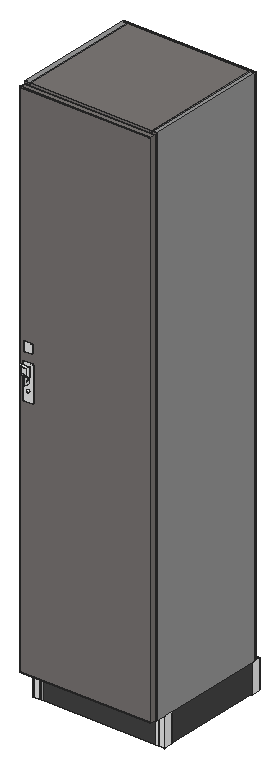
Revit family "Wood_Lockers_Hasps-Salsbury_Industries-18_41000_Series-1_Wide_Units.rfa", category Specialty Equipment, Revit 2016 (continued)
Definition of nested family "Wood Locker Sloping Hoods"
  Types (20): name | Width | Visible | Version | Type Comments | Model | Manufacturer | Height | Description | Depth
    44257 - for 24" Deep Lockers (3 Wide) | 45.000" | yes | "1.0 (12/15/23)" | "Sloping Hood for Premier Wod Lockers" | "44257" | "Salsbury Industries" | 9.118" | "For 24\" D - 3 Wide Lockers" | 23.625"
    44252 - for 21" Deep Lockers (1 Wide) | 15.000" | yes | "1.0 (12/15/23)" | "Sloping Hood for 15\" Wide Premier Wood Lockers" | "44252" | "Salsbury Industries" | 7.993" | "For 21\" D - 1 Wide Lockers" | 20.625"
    44254 - for 21" Deep Lockers (3 Wide) | 45.000" | yes | "1.0 (12/15/23)" | "Sloping Hood for 15\" Wide Premier Wood Lockers" | "44254" | "Salsbury Industries" | 7.993" | "For 21\" D - 3 Wide Lockers" | 20.625"
    44251 - for 18" Deep Lockers (1 Wide) | 15.000" | yes | "1.0 (12/15/23)" | "Sloping Hood for 15\"Wide Premier Wood Lockers" | "44251" | "Salsbury Industries" | 6.868" | "For 18\" D - 1 Wide Lockers" | 17.625"
    44253 - for 18" Deep Lockers (3 Wide) | 45.000" | yes | "1.0 (12/15/23)" | "Sloping Hood for 15\" Wide Premier Wood Lockers" | "44253" | "Salsbury Industries" | 6.868" | "For 18\" D - 3 Wide Lockers" | 17.625"
    None | 12.000" | no | "" | "" | "" | "" | 5.743" | "" | 14.625"
    44818 - for 18" Deep Lockers (1 Wide) | 18.000" | yes | "1.0 (12/15/23)" | "Sloping Hood for Premier Wood Lockers" | "44818" | "Salsbury Industries" | 6.868" | "For 18\" D - 1 Wide Lockers" | 17.625"
    44811 - for 21" Deep Lockers (1 Wide) | 18.000" | yes | "1.0 (12/15/23)" | "Sloping Hood for Premier Wood Lockers" | "44811" | "Salsbury Industries" | 7.993" | "For 21\" D - 1 Wide Lockers" | 20.625"
    44814 - for 24" Deep Lockers (1 Wide) | 18.000" | yes | "1.0 (12/15/23)" | "Sloping Hood for Premier Wood Lockers" | "44814" | "Salsbury Industries" | 9.118" | "For 24\" D - 1 Wide Lockers" | 23.625"
    44838 - for 18" Deep Lockers (3 Wide) | 54.000" | yes | "1.0 (12/15/23)" | "Sloping Hood for Premier Wood Lockers" | "44838" | "Salsbury Industries" | 6.868" | "For 18\" D - 3 Wide Lockers" | 17.625"
    44831 - for 21" Deep Lockers (3 Wide) | 54.000" | yes | "1.0 (12/15/23)" | "Sloping Hood for Premier Wood Lockers" | "44831" | "Salsbury Industries" | 7.993" | "For 21\" D - 3 Wide Lockers" | 20.625"
    44834 - for 24" Deep Lockers (3 Wide) | 54.000" | yes | "1.0 (12/15/23)" | "Sloping Hood for Premier Wood Lockers" | "834" | "Salsbury Industries" | 9.118" | "For 24\" D - 3 Wide Lockers" | 23.625"
  Reference planes (in)
    plane 1 "Center (Front/Back)": y = 0
    plane 2: z = 0
    plane 3 "Center (Left/Right)": x = 0
    plane 4 "Front of Hood": y = -11.8125
    plane 5 "Back of Hood": y = 11.8125
    plane 6 "Right Side of Hood": x = 22.5
    plane 7 "Left Side of Hood": x = -22.5
    plane 8 "Bottom of Hood": z = 0
    plane 9 "Top of Hood": z = 9.118
    plane 10: x = 21.75
    plane 11: x = -21.75
    plane 12: y = -11.7815
    plane 13: y = -11.0625
    plane 14: z = 9.087
    plane 15: z = 8.368
    plane 16: z = 0.062
    plane 17: z = 0.75
  Forms (in)
    Extrusion 1, solid, visible <- "Visible"
      sketch origin (22.5, 0.37227, 0) x (0, -1, 0) y (0, 0, 1)
        loop
          line (-0.26039, 4.07368) -> (-0.26039, 0) -> (0.37227, 0) -> (0.37227, 3.83066) -> (-0.26039, 4.07368)
      from 0 to 45
    Extrusion 2, solid, visible <- "Visible"
      sketch origin (0, 0, 0) x (0, 1, 0) y (0, 0, 1)
        loop
          line (-9.97273, 0) -> (11.8125, 8.368) -> (11.8125, 9.087) -> (-11.73269, 0.062) -> (-11.7815, 0.062) -> (-11.7815, 0) -> (-9.97273, 0)
      from -22.5 to 22.5
    Extrusion 3, solid, material <- "Laminate Surface", visible <- "Visible"
      sketch origin (0, 0, 0) x (0, 1, 0) y (0, 0, 1)
        loop
          line (-11.8125, 0.062) -> (-11.8125, 0) -> (-11.7815, 0) -> (-11.7815, 0.062) -> (-11.8125, 0.062)
      from -22.5 to 22.5
    Extrusion 4, solid, material <- "Laminate Surface", visible <- "Visible"
      sketch origin (0, 0, 0) x (0, 1, 0) y (0, 0, 1)
        loop
          line (11.8125, 9.118) -> (-11.8125, 0.062) -> (-11.73269, 0.062) -> (11.8125, 9.087) -> (11.8125, 9.118)
      from -22.5 to 22.5
  Dimensions and locks (in)
    equal spacing: plane 7 "Left Side of Hood", plane 3 "Center (Left/Right)", plane 6 "Right Side of Hood"
    "Width": plane 7 "Left Side of Hood" to plane 6 "Right Side of Hood"
    equal spacing: plane 4 "Front of Hood", plane 1 "Center (Front/Back)", plane 5 "Back of Hood"
    "Depth": plane 4 "Front of Hood" to plane 5 "Back of Hood"
    "Height": plane 9 "Top of Hood" to plane 8 "Bottom of Hood"
    plane 7 "Left Side of Hood" to plane 11 = 0.750"
    plane 10 to plane 6 "Right Side of Hood" = 0.750"
    plane 4 "Front of Hood" to plane 12 to plane 13 = 0.031" locked, 0.719" locked
    plane 15 to plane 14 to plane 9 "Top of Hood" = 0.719" locked, 0.031" locked
    locked: plane 16 to plane 8 "Bottom of Hood" at 0.062
    locked: plane 17 to plane 8 "Bottom of Hood" at 0.75
    aligned and locked: level to plane 2
    aligned and locked: Extrusion 2 to plane 6 "Right Side of Hood"
    aligned and locked: plane 7 "Left Side of Hood" to Extrusion 2
    aligned and locked: plane 7 "Left Side of Hood" to Extrusion 4
    aligned and locked: Extrusion 4 to plane 6 "Right Side of Hood"
    aligned and locked: Extrusion 3 to plane 6 "Right Side of Hood"
    aligned and locked: plane 7 "Left Side of Hood" to Extrusion 3
    aligned and locked: Extrusion 2 to Extrusion 1 sketch curve
    aligned and locked: plane 7 "Left Side of Hood" to Extrusion 1
    aligned and locked: Extrusion 1 to plane 6 "Right Side of Hood"
  Automatic sketch dimensions
    Extrusion 3 sketch curve to level = 0.000"
    Extrusion 3 sketch curve to plane 4 "Front of Hood" = 0.000"
    Extrusion 3 sketch curve to plane 12 = 0.000"
    plane 16 to Extrusion 3 sketch curve = 0.000"
    Extrusion 4 sketch curve to plane 4 "Front of Hood" = 0.000"
    plane 16 to Extrusion 4 sketch curve = 0.000"
    Extrusion 4 sketch curve to plane 5 "Back of Hood" = 0.000"
    plane 14 to Extrusion 4 sketch curve = 0.000"
    plane 9 "Top of Hood" to Extrusion 4 sketch curve = 0.000"
    Extrusion 4 sketch curve to plane 12 = 0.04881"
    Extrusion 2 sketch curve to level = 0.000"
    Extrusion 2 sketch curve to plane 12 = 0.000"
    plane 16 to Extrusion 2 sketch curve = 0.000"
    Extrusion 2 sketch curve to plane 5 "Back of Hood" = 0.000"
    plane 15 to Extrusion 2 sketch curve = 0.000"
    plane 14 to Extrusion 2 sketch curve = 0.000"
    Extrusion 2 sketch curve to plane 13 = 1.08977"
    Extrusion 2 sketch curve to plane 12 = 0.04881"
    Extrusion 1 sketch curve to level = 0.000"
    Extrusion 1 sketch curve to plane 1 "Center (Front/Back)" = 0.000"
    Extrusion 1 sketch curve to Extrusion 1 sketch curve = 0.24302"
Definition of nested family "Wood Locker Double Side Panels-With Slope"
  Parameters (values of type "44238DE - 6' H for 24"D Lockers")
    Width = 47.250"
    Visible = yes
    Version = "1.0 (12/15/23)"
    Type Comments = "Double End Panel for Premier Wood Lockers"
    Slope Height = 8.895"
    Model = "442386DE"
    Manufacturer = "Salsbury Industries"
    Laminate Surface = none
    Height = 72.153"
    Door Trim = none
    Description = "For 6' H x 21\" D Lockers with Sloping Hood"
    Depth = 0.750"
  Types (6): name | Width | Visible | Version | Type Comments | Slope Height | Model | Manufacturer | Height | Description
    (no name) | 47.250" | yes | "1.0 (12/15/23)" | "Double End Panel for Premier Wood Lockers" | 8.895" | "442386DE" | "Salsbury Industries" | 72.153" | "For 6' H x 21\" D Lockers with Sloping Hood"
    44339DE - 6' H for 15"D Lockers | 29.250" | yes | "1.0 (12/15/23)" | "Double End Panel for Premier Wood Lockers" | 5.681" | "44339DE" | "Salsbury Industries" | 72.062" | "For 6' H x 15\" D Lockers with Sloping Hood"
    44334DE - 6' H  for 18" D Lockers | 35.250" | yes | "1.0 (12/15/23)" | "Double End Panel for Premier Wood Lockers" | 6.806" | "44334DE" | "Salsbury Industries" | 72.062" | "For 6' H x 18\" D Lockers with Sloping Hood"
    44336DE - 6' H for 21" D Lockers | 41.250" | yes | "1.0 (12/15/23)" | "Double End Panel for Premier Wood Lockers" | 7.931" | "44336DE" | "Salsbury Industries" | 72.062" | "For 6' H x 21\" D Lockers with Sloping Hood"
    None | 14.000" | no | "" | "" | 5.500" | "" | "" | 72.000" | ""
    44238DE - 6' H for 24"D Lockers | 47.250" | yes | "1.0 (12/15/23)" | "Double End Panel for Premier Wood Lockers" | 8.895" | "442386DE" | "Salsbury Industries" | 72.153" | "For 6' H x 21\" D Lockers with Sloping Hood"
  Reference planes (in)
    plane 1 "Center (Front/Back)": y = 0
    plane 2: z = 0
    plane 3 "Center (Left/Right)": x = 0
    plane 4 "Back": y = 0.375
    plane 5 "Front": y = -0.375
    plane 6 "Left Side": x = -23.625
    plane 7 "Right Side": x = 23.625
    plane 8 "Bottom": z = 0
    plane 9 "Top": z = 72.153
    plane 10 "Center Elevation": z = 36.0765
    plane 11 "Wood - Laminate Edge": y = -0.344
    plane 12 "Right Side of Wood": x = 23.594
    plane 13 "Left Side of Wood": x = -23.594
    plane 14 "Top of Wood": z = 72.028
    plane 15 "Bottom of Wood": z = 0.125
    plane 16: z = 81.048
    plane 17: z = 81.017
  Forms (in)
    Extrusion 1, solid, visible <- "Visible"
      sketch origin (0, 0.375, 0) x (1, 0, 0) y (0, 0, 1)
        loop
          line (23.594, 72.122) -> (0, 81.017) -> (-23.594, 72.122) -> (-23.594, 0) -> (23.594, 0) -> (23.594, 72.122)
      from 0 to 0.719
    Extrusion 2, solid, material <- "Laminate Surface", visible <- "Visible"
      sketch origin (0, -0.375, 0) x (1, 0, 0) y (0, 0, 1)
        loop
          line (23.625, 0) -> (23.625, 72.153) -> (0, 81.048) -> (-23.625, 72.153) -> (-23.625, 0) -> (23.625, 0)
      from -0.031 to 0
    Extrusion 3, solid, material <- "Laminate Surface", visible <- "Visible"
      sketch origin (0, 0.375, 0) x (1, 0, 0) y (0, 0, 1)
        loop
          line (23.625, 0) -> (23.625, 72.153) -> (0, 81.048) -> (-23.625, 72.153) -> (-23.625, 0) -> (-23.594, 0) -> (-23.594, 72.122) -> (0, 81.017) -> (23.594, 72.122) -> (23.594, 0) -> (23.625, 0)
      from 0 to 0.719
  Dimensions and locks (in)
    equal spacing: plane 6 "Left Side", plane 3 "Center (Left/Right)", plane 7 "Right Side"
    plane 5 "Front" to plane 1 "Center (Front/Back)" to plane 4 "Back" = 0.375", 0.375"
    "Width": plane 6 "Left Side" to plane 7 "Right Side"
    "Depth": plane 5 "Front" to plane 4 "Back"
    equal spacing: plane 9 "Top", plane 10 "Center Elevation", plane 8 "Bottom"
    "Height": plane 9 "Top" to plane 8 "Bottom"
    locked: plane 5 "Front" to plane 11 "Wood - Laminate Edge" at 0.031
    locked: plane 15 "Bottom of Wood" to plane 8 "Bottom" at 0.125
    locked: plane 12 "Right Side of Wood" to plane 7 "Right Side" at 0.031
    locked: plane 6 "Left Side" to plane 13 "Left Side of Wood" at 0.031
    locked: plane 9 "Top" to plane 14 "Top of Wood" at 0.125
    "Slope Height": plane 16 to plane 9 "Top"
    locked: plane 16 to plane 17 at 0.031
    aligned and locked: level to plane 2
    aligned and locked: Extrusion 3 to plane 4 "Back"
    aligned and locked: plane 11 "Wood - Laminate Edge" to Extrusion 3
  Automatic sketch dimensions
    plane 6 "Left Side" to Extrusion 2 sketch curve = 0.000"
    Extrusion 2 sketch curve to plane 3 "Center (Left/Right)" = 0.000"
    plane 7 "Right Side" to Extrusion 2 sketch curve = 0.000"
    Extrusion 2 sketch curve to level = 0.000"
    Extrusion 2 sketch curve to plane 9 "Top" = 0.000"  (x2)
    Extrusion 2 sketch curve to plane 16 = 0.000"
    Extrusion 1 sketch curve to level = 0.000"
    plane 13 "Left Side of Wood" to Extrusion 1 sketch curve = 0.000"
    Extrusion 1 sketch curve to plane 3 "Center (Left/Right)" = 0.000"
    plane 12 "Right Side of Wood" to Extrusion 1 sketch curve = 0.000"
    Extrusion 1 sketch curve to plane 17 = 0.000"
    plane 9 "Top" to Extrusion 1 sketch curve = 0.031"  (x2)
    Extrusion 3 sketch curve to level = 0.000"  (x2)
    plane 6 "Left Side" to Extrusion 3 sketch curve = 0.000"
    plane 13 "Left Side of Wood" to Extrusion 3 sketch curve = 0.000"
    Extrusion 3 sketch curve to plane 3 "Center (Left/Right)" = 0.000"  (x2)
    plane 12 "Right Side of Wood" to Extrusion 3 sketch curve = 0.000"
    plane 7 "Right Side" to Extrusion 3 sketch curve = 0.000"
    Extrusion 3 sketch curve to plane 9 "Top" = 0.000"  (x2)
    plane 9 "Top" to Extrusion 3 sketch curve = 0.031"  (x2)
    Extrusion 3 sketch curve to plane 17 = 0.000"
    Extrusion 3 sketch curve to plane 16 = 0.000"
Definition of nested family "Wood Locker Side Panels-No Slope"
  Parameters (values of type "44237 - 6' H for 24"D Lockers")
    Width = 23.625"
    Visible = yes
    Version = "1.0 (12/15/23)"
    Type Comments = "Side Panel for Premier Wood Lockers without Sloping Hood"
    Model = "44237"
    Manufacturer = "Salsbury Industries"
    Laminate Surface = none
    Height = 72.000"
    Door Trim = none
    Description = "6' H for 21\" D Lockers"
    Depth = 0.750"
  Types (6): name | Width | Visible | Version | Type Comments | Model | Manufacturer | Description
    (no name) | 23.625" | yes | "1.0 (12/15/23)" | "Side Panel for Premier Wood Lockers without Sloping Hood" | "44237" | "Salsbury Industries" | "6' H for 21\" D Lockers"
    44330 - 6' H for 15"D Lockers | 14.625" | yes | "1.0 (12/15/23)" | "Side Panel for Premier Wood Lockers without Sloping Hood" | "44330" | "Salsbury Industries" | "6' H for 15\" D Lockers"
    44333 - 6' H for 18" D Lockers | 17.625" | yes | "1.0 (12/15/23)" | "Side Panel for Premier Wood Lockers withouth Sloping Hood" | "44333" | "Salsbury Industries" | "6' H for 18\" D Lockers"
    44335 - 6' H for 21" D Lockers | 20.625" | yes | "1.0 (12/15/23)" | "Side Panel for Premier Wood Lockers without Sloping Hood" | "44335" | "Salsbury Industries" | "6' H for 21\" D Lockers"
    None | 14.000" | no | "" | "" | "" | "" | ""
    44237 - 6' H for 24"D Lockers | 23.625" | yes | "1.0 (12/15/23)" | "Side Panel for Premier Wood Lockers without Sloping Hood" | "44237" | "Salsbury Industries" | "6' H for 21\" D Lockers"
  Reference planes (in)
    plane 1 "Center (Front/Back)": y = 0
    plane 2: z = 0
    plane 3 "Center (Left/Right)": x = 0
    plane 4 "Back": y = 0.375
    plane 5 "Front": y = -0.375
    plane 6 "Left Side": x = -11.8125
    plane 7 "Right Side": x = 11.8125
    plane 8 "Bottom": z = 0
    plane 9 "Top": z = 72
    plane 10 "Center Elevation": z = 36
    plane 11 "Wood - Laminate Edge": y = -0.344
    plane 12 "Right Side of Wood": x = 11.7815
    plane 13 "Left Side of Wood": x = -11.7815
    plane 14 "Top of Wood": z = 71.969
    plane 15 "Bottom of Wood": z = 0.031
  Forms (in)
    Extrusion 1, solid, visible <- "Visible"
      sketch origin (0, 0.375, 0) x (1, 0, 0) y (0, 0, 1)
        loop
          line (11.7815, 71.969) -> (-11.7815, 71.969) -> (-11.7815, 0.031) -> (11.7815, 0.031) -> (11.7815, 71.969)
      from 0 to 0.719
    Extrusion 2, solid, material <- "Laminate Surface", visible <- "Visible"
      sketch origin (0, -0.375, 0) x (1, 0, 0) y (0, 0, 1)
        loop
          line (-11.8125, 72) -> (-11.8125, 0) -> (11.8125, 0) -> (11.8125, 72) -> (-11.8125, 72)
      from -0.031 to 0
    Extrusion 3, solid, material <- "Laminate Surface", visible <- "Visible"
      sketch origin (0, 0, 0) x (1, 0, 0) y (0, 0, 1)
        loop
          line (-11.8125, 0) -> (11.8125, 0) -> (11.8125, 72) -> (-11.8125, 72) -> (-11.8125, 0)
        loop
          line (-11.7815, 0.031) -> (11.7815, 0.031) -> (11.7815, 71.969) -> (-11.7815, 71.969) -> (-11.7815, 0.031)
      from -0.375 to 0.344
  Dimensions and locks (in)
    equal spacing: plane 6 "Left Side", plane 3 "Center (Left/Right)", plane 7 "Right Side"
    plane 5 "Front" to plane 1 "Center (Front/Back)" to plane 4 "Back" = 0.375", 0.375"
    "Width": plane 6 "Left Side" to plane 7 "Right Side"
    "Depth": plane 5 "Front" to plane 4 "Back"
    equal spacing: plane 9 "Top", plane 10 "Center Elevation", plane 8 "Bottom"
    "Height": plane 9 "Top" to plane 8 "Bottom"
    locked: plane 5 "Front" to plane 11 "Wood - Laminate Edge" at 0.031
    locked: plane 15 "Bottom of Wood" to plane 8 "Bottom" at 0.031
    locked: plane 12 "Right Side of Wood" to plane 7 "Right Side" at 0.031
    locked: plane 6 "Left Side" to plane 13 "Left Side of Wood" at 0.031
    locked: plane 9 "Top" to plane 14 "Top of Wood" at 0.031
    aligned and locked: level to plane 2
    aligned and locked: Extrusion 2 sketch curve to plane 7 "Right Side"
    aligned and locked: plane 8 "Bottom" to Extrusion 2 sketch curve
    aligned and locked: plane 6 "Left Side" to Extrusion 2 sketch curve
    aligned and locked: plane 9 "Top" to Extrusion 2 sketch curve
    aligned and locked: Extrusion 3 to plane 4 "Back"
    aligned and locked: plane 11 "Wood - Laminate Edge" to Extrusion 3
  Automatic sketch dimensions
    plane 13 "Left Side of Wood" to Extrusion 1 sketch curve = 0.000"
    plane 12 "Right Side of Wood" to Extrusion 1 sketch curve = 0.000"
    Extrusion 1 sketch curve to plane 15 "Bottom of Wood" = 0.000"
    Extrusion 1 sketch curve to plane 14 "Top of Wood" = 0.000"
    plane 13 "Left Side of Wood" to Extrusion 3 sketch curve = 0.000"
    Extrusion 3 sketch curve to level = 0.000"
    plane 13 "Left Side of Wood" to Extrusion 3 sketch curve = 0.031"
    plane 12 "Right Side of Wood" to Extrusion 3 sketch curve = 0.000"
    plane 7 "Right Side" to Extrusion 3 sketch curve = 0.000"
    Extrusion 3 sketch curve to plane 15 "Bottom of Wood" = 0.000"
    Extrusion 3 sketch curve to plane 14 "Top of Wood" = 0.000"
    Extrusion 3 sketch curve to plane 9 "Top" = 0.000"
Definition of nested family "Wood Locker Double Side Panels-No Slope"
  Parameters (values of type "44237DE - 6' H for 24"D Lockers")
    Width = 47.250"
    Visible = yes
    Version = "1.0 (12/15/23)"
    Type Comments = "Double End Panel for Premier Wood Lockers"
    Model = "44237DE"
    Manufacturer = "Salsbury Industries"
    Laminate Surface = none
    Height = 72.000"
    Door Trim = none
    Description = "For 6' H x 21\" D without Sloping Hood"
    Depth = 0.750"
  Types (6): name | Width | Visible | Version | Type Comments | Model | Manufacturer | Description
    (no name) | 47.250" | yes | "1.0 (12/15/23)" | "Double End Panel for Premier Wood Lockers" | "44237DE" | "Salsbury Industries" | "For 6' H x 21\" D without Sloping Hood"
    44330DE - 6' H for 15"D Lockers | 29.250" | yes | "1.0 (12/15/23)" | "Double End Panel for Premier Wood Lockers" | "44330DE" | "Salsbury Industries" | "For 6' H x 15\" D without Sloping Hood"
    44333DE - 6' H for 18" D Lockers | 35.250" | yes | "1.0 (12/15/23)" | "Double End Panel for Premier Wood Lockers" | "44333DE" | "Salsbury Industries" | "For 6' H x 18\" D without Sloping Hood"
    44335DE - 6' H for 21" D Lockers | 41.250" | yes | "1.0 (12/15/23)" | "Double End Panel for Premier Wood Lockers" | "44335DE" | "Salsbury Industries" | "For 6' H x 21\" D without Sloping Hood"
    None | 14.000" | no | "" | "" | "" | "" | ""
    44237DE - 6' H for 24"D Lockers | 47.250" | yes | "1.0 (12/15/23)" | "Double End Panel for Premier Wood Lockers" | "44237DE" | "Salsbury Industries" | "For 6' H x 21\" D without Sloping Hood"
  Reference planes (in)
    plane 1 "Center (Front/Back)": y = 0
    plane 2: z = 0
    plane 3 "Center (Left/Right)": x = 0
    plane 4 "Back": y = 0.375
    plane 5 "Front": y = -0.375
    plane 6 "Left Side": x = -23.625
    plane 7 "Right Side": x = 23.625
    plane 8 "Bottom": z = 0
    plane 9 "Top": z = 72
    plane 10 "Center Elevation": z = 36
    plane 11 "Wood - Laminate Edge": y = -0.344
    plane 12 "Right Side of Wood": x = 23.594
    plane 13 "Left Side of Wood": x = -23.594
    plane 14 "Top of Wood": z = 71.969
    plane 15 "Bottom of Wood": z = 0.031
  Forms (in)
    Extrusion 1, solid, visible <- "Visible"
      sketch origin (0, 0.375, 0) x (1, 0, 0) y (0, 0, 1)
        loop
          line (23.594, 71.969) -> (-23.594, 71.969) -> (-23.594, 0.031) -> (23.594, 0.031) -> (23.594, 71.969)
      from 0 to 0.719
    Extrusion 2, solid, material <- "Laminate Surface", visible <- "Visible"
      sketch origin (0, -0.375, 0) x (1, 0, 0) y (0, 0, 1)
        loop
          line (-23.625, 72) -> (-23.625, 0) -> (23.625, 0) -> (23.625, 72) -> (-23.625, 72)
      from -0.031 to 0
    Extrusion 3, solid, material <- "Laminate Surface", visible <- "Visible"
      sketch origin (0, 0, 0) x (1, 0, 0) y (0, 0, 1)
        loop
          line (-23.625, 0) -> (23.625, 0) -> (23.625, 72) -> (-23.625, 72) -> (-23.625, 0)
        loop
          line (23.594, 71.969) -> (-23.594, 71.969) -> (-23.594, 0.031) -> (23.594, 0.031) -> (23.594, 71.969)
      from -0.375 to 0.344
  Dimensions and locks (in)
    equal spacing: plane 6 "Left Side", plane 3 "Center (Left/Right)", plane 7 "Right Side"
    plane 5 "Front" to plane 1 "Center (Front/Back)" to plane 4 "Back" = 0.375", 0.375"
    "Width": plane 6 "Left Side" to plane 7 "Right Side"
    "Depth": plane 5 "Front" to plane 4 "Back"
    equal spacing: plane 9 "Top", plane 10 "Center Elevation", plane 8 "Bottom"
    "Height": plane 9 "Top" to plane 8 "Bottom"
    locked: plane 5 "Front" to plane 11 "Wood - Laminate Edge" at 0.031
    locked: plane 15 "Bottom of Wood" to plane 8 "Bottom" at 0.031
    plane 12 "Right Side of Wood" to plane 7 "Right Side" = 0.031"
    locked: plane 6 "Left Side" to plane 13 "Left Side of Wood" at 0.031
    locked: plane 9 "Top" to plane 14 "Top of Wood" at 0.031
    aligned and locked: level to plane 2
    aligned and locked: Extrusion 2 sketch curve to plane 8 "Bottom"
    aligned and locked: plane 6 "Left Side" to Extrusion 2 sketch curve
    aligned and locked: Extrusion 2 sketch curve to plane 7 "Right Side"
    aligned and locked: Extrusion 2 sketch curve to plane 9 "Top"
    aligned and locked: Extrusion 3 to plane 4 "Back"
    aligned and locked: plane 11 "Wood - Laminate Edge" to Extrusion 3
  Automatic sketch dimensions
    plane 13 "Left Side of Wood" to Extrusion 1 sketch curve = 0.000"
    plane 12 "Right Side of Wood" to Extrusion 1 sketch curve = 0.000"
    Extrusion 1 sketch curve to plane 15 "Bottom of Wood" = 0.000"
    Extrusion 1 sketch curve to plane 14 "Top of Wood" = 0.000"
    Extrusion 3 sketch curve to level = 0.000"
    plane 6 "Left Side" to Extrusion 3 sketch curve = 0.000"
    plane 7 "Right Side" to Extrusion 3 sketch curve = 0.000"
    Extrusion 3 sketch curve to plane 9 "Top" = 0.000"
    plane 13 "Left Side of Wood" to Extrusion 3 sketch curve = 0.000"
    Extrusion 3 sketch curve to plane 15 "Bottom of Wood" = 0.000"
    Extrusion 3 sketch curve to plane 14 "Top of Wood" = 0.000"
    plane 12 "Right Side of Wood" to Extrusion 3 sketch curve = 0.000"
Definition of nested family "Wood Locker Sloping In-Line Fillers"
  Parameters (values of type "44489 - 15" W for 24" D Lockers")
    Width = 15.000"
    Visible = yes
    Version = "1.0 (12/15/23)"
    Type Comments = "Sloping Hood In-Line Filler for Premier Wood Lockers"
    Model = "44489"
    Manufacturer = "Salsbury Industries"
    Laminate Surface = none
    Height = 9.118"
    Description = "For 24\" D Lockers"
    Depth = 23.625"
  Types (10): name | Width | Visible | Version | Type Comments | Model | Manufacturer | Height | Description | Depth
    (no name) | 15.000" | yes | "1.0 (12/15/23)" | "Sloping Hood In-Line Filler for Premier Wood Lockers" | "44489" | "Salsbury Industries" | 9.118" | "For 24\" D Lockers" | 23.625"
    44487 - 15" W for 15" D Lockers | 15.000" | yes | "1.0 (12/15/23)" | "Sloping Hood In-Line Filler for Premier Wood Lockers" | "44487" | "Salsbury Industries" | 5.743" | "For 15\" D Lockers" | 14.625"
    44488 - 15" W for 18" D Lockers | 15.000" | yes | "1.0 (12/15/23)" | "Sloping Hood In-Line Filler for Premier Wood Lockers" | "44488" | "Salsbury Industries" | 6.868" | "For 18\" D Lockers" | 17.625"
    44481 - 15" W for 21" D Lockers | 15.000" | yes | "1.0 (12/15/23)" | "Sloping Hood In-Line Filler for Premier Wood Lockers" | "44481" | "Salsbury Industries" | 7.993" | "For 21\" D Lockers" | 20.625"
    None | 12.000" | no | "" | "" | "" | "" | 5.500" | "" | 14.000"
    44489 - 15" W for 24" D Lockers | 15.000" | yes | "1.0 (12/15/23)" | "Sloping Hood In-Line Filler for Premier Wood Lockers" | "44489" | "Salsbury Industries" | 9.118" | "For 24\" D Lockers" | 23.625"
    44488 - 9" W for 18" D Lockers | 9.000" | yes | "1.0 (12/15/23)" | "Sloping Hood In-Line Filler for Premier Wood Lockers" | "44488" | "Salsbury Industries" | 6.868" | "For 18\" D Lockers" | 17.625"
    44487 - 9" W for 15" D Lockers | 9.000" | yes | "1.0 (12/15/23)" | "Sloping Hood In-Line Filler for Premier Wood Lockers" | "44487" | "Salsbury Industries" | 5.743" | "For 15\" D Lockers" | 14.625"
    44481 - 9" W for 21" D Lockers | 9.000" | yes | "1.0 (12/15/23)" | "Sloping Hood In-Line Filler for Premier Wood Lockers" | "44481" | "Salsbury Industries" | 7.993" | "For 21\" D Lockers" | 20.625"
    44489 - 9" W for 24" D Lockers | 9.000" | yes | "1.0 (12/15/23)" | "Sloping Hood In-Line Filler for Premier Wood Lockers" | "44489" | "Salsbury Industries" | 9.118" | "For 24\" D Lockers" | 23.625"
  Reference planes (in)
    plane 1 "Center (Front/Back)": y = 0
    plane 2: z = 0
    plane 3 "Center (Left/Right)": x = 0
    plane 4 "Front of Hood": y = -11.8125
    plane 5 "Back of Hood": y = 11.8125
    plane 6 "Right Side of Hood": x = 7.5
    plane 7 "Left Side of Hood": x = -7.5
    plane 8 "Bottom of Hood": z = 0
    plane 9 "Top of Hood": z = 9.118
    plane 10: x = 6.75
    plane 11: x = -6.75
    plane 12: y = -11.7815
    plane 13: y = -11.0625
    plane 14: z = 9.087
    plane 15: z = 8.368
    plane 16: z = 0.062
    plane 17: z = 0.75
  Forms (in)
    Extrusion 1, solid, visible <- "Visible"
      sketch origin (0, 0, 0) x (0, 1, 0) y (0, 0, 1)
        loop
          line (-9.97273, 0) -> (11.8125, 8.368) -> (11.8125, 9.087) -> (-11.73269, 0.062) -> (-11.7815, 0.062) -> (-11.7815, 0) -> (-9.97273, 0)
      from -7.5 to 7.5
    Extrusion 2, solid, material <- "Laminate Surface", visible <- "Visible"
      sketch origin (0, 0, 0) x (0, 1, 0) y (0, 0, 1)
        loop
          line (-11.8125, 0.062) -> (-11.8125, 0) -> (-11.7815, 0) -> (-11.7815, 0.062) -> (-11.8125, 0.062)
      from -7.5 to 7.5
    Extrusion 3, solid, material <- "Laminate Surface", visible <- "Visible"
      sketch origin (0, 0, 0) x (0, 1, 0) y (0, 0, 1)
        loop
          line (11.8125, 9.118) -> (-11.8125, 0.062) -> (-11.73269, 0.062) -> (11.8125, 9.087) -> (11.8125, 9.118)
      from -7.5 to 7.5
  Dimensions and locks (in)
    equal spacing: plane 7 "Left Side of Hood", plane 3 "Center (Left/Right)", plane 6 "Right Side of Hood"
    "Width": plane 7 "Left Side of Hood" to plane 6 "Right Side of Hood"
    equal spacing: plane 4 "Front of Hood", plane 1 "Center (Front/Back)", plane 5 "Back of Hood"
    "Depth": plane 4 "Front of Hood" to plane 5 "Back of Hood"
    "Height": plane 9 "Top of Hood" to plane 8 "Bottom of Hood"
    plane 7 "Left Side of Hood" to plane 11 = 0.750"
    plane 10 to plane 6 "Right Side of Hood" = 0.750"
    plane 4 "Front of Hood" to plane 12 to plane 13 = 0.031" locked, 0.719" locked
    plane 15 to plane 14 to plane 9 "Top of Hood" = 0.719" locked, 0.031" locked
    locked: plane 16 to plane 8 "Bottom of Hood" at 0.062
    locked: plane 17 to plane 8 "Bottom of Hood" at 0.75
    aligned and locked: level to plane 2
    aligned and locked: Extrusion 1 to plane 6 "Right Side of Hood"
    aligned and locked: plane 7 "Left Side of Hood" to Extrusion 1
    aligned and locked: plane 7 "Left Side of Hood" to Extrusion 3
    aligned and locked: Extrusion 3 to plane 6 "Right Side of Hood"
    aligned and locked: Extrusion 2 to plane 6 "Right Side of Hood"
    aligned and locked: plane 7 "Left Side of Hood" to Extrusion 2
  Automatic sketch dimensions
    Extrusion 2 sketch curve to level = 0.000"
    Extrusion 2 sketch curve to plane 4 "Front of Hood" = 0.000"
    Extrusion 2 sketch curve to plane 12 = 0.000"
    plane 16 to Extrusion 2 sketch curve = 0.000"
    Extrusion 3 sketch curve to plane 4 "Front of Hood" = 0.000"
    plane 16 to Extrusion 3 sketch curve = 0.000"
    Extrusion 3 sketch curve to plane 5 "Back of Hood" = 0.000"
    plane 14 to Extrusion 3 sketch curve = 0.000"
    plane 9 "Top of Hood" to Extrusion 3 sketch curve = 0.000"
    Extrusion 3 sketch curve to plane 12 = 0.04881"
    Extrusion 1 sketch curve to level = 0.000"
    Extrusion 1 sketch curve to plane 12 = 0.000"
    plane 16 to Extrusion 1 sketch curve = 0.000"
    Extrusion 1 sketch curve to plane 5 "Back of Hood" = 0.000"
    plane 15 to Extrusion 1 sketch curve = 0.000"
    plane 14 to Extrusion 1 sketch curve = 0.000"
    Extrusion 1 sketch curve to plane 13 = 1.08977"
    Extrusion 1 sketch curve to plane 12 = 0.04881"
Definition of nested family "Wood Locker Sloping Corner Fillers"
  Parameters (values of type "44478 - for 18" D Lockers")
    Width = 19.875"
    Visible = yes
    Version = "1.0 (12/15/23)"
    Type Comments = "Sloping Hood Corner Filler for Premier Wood Lockers"
    Model = "44488"
    Manufacturer = "Salsbury Industries"
    Laminate Surface = none
    Height = 6.868"
    Description = "For 18\" D Lockers"
    Depth = 19.875"
  Types (6): name | Width | Visible | Version | Type Comments | Model | Manufacturer | Height | Description | Depth
    (no name) | 19.875" | yes | "1.0 (12/15/23)" | "Sloping Hood Corner Filler for Premier Wood Lockers" | "44488" | "Salsbury Industries" | 6.868" | "For 18\" D Lockers" | 19.875"
    44477 - for 15" D Lockers | 16.875" | yes | "1.0 (12/15/23)" | "Sloping Hood Corner Filler for Premier Wood Lockers" | "44487" | "Salsbury Industries" | 5.743" | "For 15\" D Lockers" | 16.875"
    44478 - for 18" D Lockers | 19.875" | yes | "1.0 (12/15/23)" | "Sloping Hood Corner Filler for Premier Wood Lockers" | "44488" | "Salsbury Industries" | 6.868" | "For 18\" D Lockers" | 19.875"
    44471- for 21" D Lockers | 22.875" | yes | "1.0 (12/15/23)" | "Sloping Hood Corner Filler for Premier Wood Lockers" | "44481" | "Salsbury Industries" | 7.993" | "For 21\" D Lockers" | 22.875"
    44479- for 24" D Lockers | 25.875" | yes | "1.0 (12/15/23)" | "Sloping Hood Corner Filler for Premier Wood Lockers" | "44489" | "Salsbury Industries" | 9.118" | "For 24\" D Lockers" | 25.875"
    None | 16.875" | no | "" | "" | "" | "" | 5.743" | "" | 16.875"
  Reference planes (in)
    plane 1 "Center (Front/Back)": y = -0.8125
    plane 2: z = 0
    plane 3 "Center (Left/Right)": x = 0.8125
    plane 4 "Front of Hood": y = -8.5
    plane 5 "Right Side of Hood": x = 8.5
    plane 6 "Bottom of Hood": z = 0
    plane 7 "Black Trim Line": y = -8.469
    plane 8: z = 0.062
    plane 9: z = 0.75
    plane 10 "New Back of Hood": y = 9.125
    plane 11 "New Front of Hood": y = -10.75
    plane 12 "New Left Side": x = -9.125
    plane 13 "New Right Side": x = 10.75
    plane 14 "Top": z = 6.868
    plane 15: x = 8.469
  Forms (in)
    Extrusion 1, solid, visible <- "Visible"
      sketch origin (0.8125, 0, 0) x (0, 1, 0) y (0, 0, 1)
        loop
          line (-6.66023, 0) -> (9.125, 6.11937) -> (9.125, 6.837) -> (-8.42019, 0.062) -> (-8.469, 0.062) -> (-8.469, 0) -> (-6.66023, 0)
      from -9.9375 to 9.9375
    Extrusion 2, solid, material <- "Laminate Surface", visible <- "Visible"
      sketch origin (0.8125, 0, 0.00023) x (0, 1, 0) y (0, 0, 1)
        loop
          line (9.125, 6.86777) -> (-8.5, 0.06177) -> (-8.42019, 0.06177) -> (9.125, 6.83677) -> (9.125, 6.86777)
      from -9.9375 to 9.9375
    Extrusion 3, void
      sketch origin (0, 0, 0) x (0, -1, 0) y (1, 0, 0)
        loop
          line (8.5, 8.5) -> (-9.125, -9.125) -> (8.5, -9.125) -> (8.5, 8.5)
      from 0 to 6.868
    Extrusion 4, solid, material <- "Laminate Surface", visible <- "Visible"
      sketch origin (10.75, 0, 0) x (0, -1, 0) y (0, 0, 1)
        loop
          line (8.5, 0) -> (8.5, 0.062) -> (8.469, 0.062) -> (8.469, 0) -> (8.5, 0)
      from 0 to 2.25
    Extrusion 5, solid, visible <- "Visible"
      sketch origin (-1.125, -0.8125, 0) x (1, 0, 0) y (0, 0, 1)
        loop
          line (7.78523, 0) -> (9.594, 0) -> (9.594, 0.062) -> (9.54519, 0.062) -> (-8, 6.837) -> (-8, 6.11937) -> (7.78523, 0)
      from -9.9375 to 9.9375
    Extrusion 6, solid, material <- "Laminate Surface", visible <- "Visible"
      sketch origin (-1.125, -0.8125, 0) x (1, 0, 0) y (0, 0, 1)
        loop
          line (-8, 6.868) -> (-8, 6.837) -> (9.54519, 0.062) -> (9.625, 0.062) -> (-8, 6.868)
      from -9.9375 to 9.9375
    Extrusion 7, solid, material <- "Laminate Surface", visible <- "Visible"
      sketch origin (0, -8.5, 0) x (1, 0, 0) y (0, 0, 1)
        loop
          line (8.5, 0) -> (8.5, 0.062) -> (8.469, 0.062) -> (8.469, 0) -> (8.5, 0)
      from 0 to 2.25
    Extrusion 8, void
      sketch origin (10.75, 0, 0) x (0, -1, 0) y (0, 0, 1)
        loop
          line (-9.125, 0) -> (6.66023, 0) -> (-9.125, 6.11937) -> (-9.125, 0)
      from 0 to 19.875
  Cuts and joins
    Extrusion 3, Extrusion 8 cuts Extrusion 1
    Extrusion 3 cuts Extrusion 2
    Extrusion 8 cuts Extrusion 5
    Extrusion 8 cuts Extrusion 6
  Dimensions and locks (in)
    locked: plane 4 "Front of Hood" to plane 7 "Black Trim Line" at 0.031
    locked: plane 8 to plane 6 "Bottom of Hood" at 0.062
    locked: plane 9 to plane 6 "Bottom of Hood" at 0.75
    "Height": plane 14 "Top" to plane 6 "Bottom of Hood"
    "Width": plane 12 "New Left Side" to plane 13 "New Right Side"
    "Depth": plane 11 "New Front of Hood" to plane 10 "New Back of Hood"
    equal spacing: plane 12 "New Left Side", plane 3 "Center (Left/Right)", plane 13 "New Right Side"
    equal spacing: plane 11 "New Front of Hood", plane 1 "Center (Front/Back)", plane 10 "New Back of Hood"
    locked: plane 5 "Right Side of Hood" to plane 13 "New Right Side" at 2.25
    locked: plane 11 "New Front of Hood" to plane 4 "Front of Hood" at 2.25
    locked: plane 15 to plane 5 "Right Side of Hood" at 0.031
    aligned and locked: level to plane 2
    aligned and locked: plane 12 "New Left Side" to Extrusion 3
    aligned and locked: Extrusion 2 to plane 13 "New Right Side"
    aligned and locked: plane 12 "New Left Side" to cut or joined group of Extrusion 2, Extrusion 3
    aligned and locked: cut or joined group of Extrusion 2, Extrusion 3 to plane 10 "New Back of Hood"
    aligned and locked: plane 12 "New Left Side" to cut or joined group of Extrusion 1, Extrusion 3, Extrusion 8
    aligned and locked: cut or joined group of Extrusion 1, Extrusion 3, Extrusion 8 to plane 13 "New Right Side"
    aligned and locked: cut or joined group of Extrusion 1, Extrusion 3, Extrusion 8 to plane 10 "New Back of Hood"  (x2)
    aligned and locked: plane 4 "Front of Hood" to cut or joined group of Extrusion 2, Extrusion 3
    aligned and locked: Extrusion 3 to cut or joined group of Extrusion 2, Extrusion 3
    aligned and locked: plane 13 "New Right Side" to cut or joined group of Extrusion 1, Extrusion 3, Extrusion 8
    aligned and locked: plane 5 "Right Side of Hood" to Extrusion 4
    aligned and locked: Extrusion 8 to Extrusion 1  (x2)
    aligned and locked: Extrusion 1 to Extrusion 8
    aligned and locked: cut or joined group of Extrusion 1, Extrusion 3, Extrusion 8 to Extrusion 6
    aligned and locked: plane 11 "New Front of Hood" to Extrusion 6
    aligned and locked: plane 12 "New Left Side" to Extrusion 6
    aligned and locked: plane 11 "New Front of Hood" to Extrusion 5
    aligned and locked: plane 12 "New Left Side" to Extrusion 5
    aligned and locked: cut or joined group of Extrusion 1, Extrusion 3, Extrusion 8 to Extrusion 5
  Automatic sketch dimensions
    Extrusion 1 sketch curve to level = 0.000"
    Extrusion 1 sketch curve to plane 7 "Black Trim Line" = 0.000"
    plane 8 to Extrusion 1 sketch curve = 0.000"
    Extrusion 1 sketch curve to plane 10 "New Back of Hood" = 0.000"
    Extrusion 1 sketch curve to Extrusion 1 sketch curve = 0.04881"
    Extrusion 1 sketch curve to Extrusion 1 sketch curve = 1.75996"
    plane 14 "Top" to Extrusion 1 sketch curve = 0.74863"
    plane 14 "Top" to Extrusion 1 sketch curve = 0.031"
    Extrusion 2 sketch curve to plane 4 "Front of Hood" = 0.000"
    plane 8 to Extrusion 2 sketch curve = 0.000"
    Extrusion 2 sketch curve to plane 10 "New Back of Hood" = 0.000"
    plane 14 "Top" to Extrusion 2 sketch curve = 0.000"
    Extrusion 2 sketch curve to plane 7 "Black Trim Line" = 0.04881"
    plane 14 "Top" to Extrusion 2 sketch curve = 0.031"
    plane 10 "New Back of Hood" to Extrusion 3 sketch curve = 0.000"
    plane 4 "Front of Hood" to Extrusion 3 sketch curve = 0.000"
    Extrusion 3 sketch curve to plane 12 "New Left Side" = 0.000"
    Extrusion 3 sketch curve to plane 5 "Right Side of Hood" = 0.000"
    Extrusion 4 sketch curve to level = 0.000"
    Extrusion 4 sketch curve to plane 7 "Black Trim Line" = 0.000"
    Extrusion 4 sketch curve to plane 4 "Front of Hood" = 0.000"
    plane 8 to Extrusion 4 sketch curve = 0.000"
    Extrusion 5 sketch curve to level = 0.000"
    Extrusion 5 sketch curve to plane 8 = 0.000"
    plane 14 "Top" to Extrusion 5 sketch curve = 0.031"
    Extrusion 5 sketch curve to plane 12 "New Left Side" = 0.000"
    plane 5 "Right Side of Hood" to Extrusion 5 sketch curve = 1.83977"
    plane 5 "Right Side of Hood" to Extrusion 5 sketch curve = 0.07981"
    Extrusion 5 sketch curve to Extrusion 5 sketch curve = 0.04881"
    Extrusion 5 sketch curve to Extrusion 5 sketch curve = 0.71763"
    plane 14 "Top" to Extrusion 6 sketch curve = 0.000"
    Extrusion 6 sketch curve to plane 8 = 0.000"
    Extrusion 6 sketch curve to plane 12 "New Left Side" = 0.000"
    plane 5 "Right Side of Hood" to Extrusion 6 sketch curve = 0.07981"
    Extrusion 6 sketch curve to Extrusion 6 sketch curve = 0.07981"
    plane 14 "Top" to Extrusion 6 sketch curve = 0.031"
    Extrusion 7 sketch curve to level = 0.000"
    plane 15 to Extrusion 7 sketch curve = 0.000"
    plane 5 "Right Side of Hood" to Extrusion 7 sketch curve = 0.000"
    Extrusion 7 sketch curve to plane 8 = 0.000"
    Extrusion 8 sketch curve to plane 10 "New Back of Hood" = 0.000"
    Extrusion 8 sketch curve to level = 0.000"
    Extrusion 8 sketch curve to plane 7 "Black Trim Line" = 1.80877"
    plane 14 "Top" to Extrusion 8 sketch curve = 0.74863"
Definition of nested family "Wood Locker Front Corner Filler"
  Parameters (values of type "44464 - for 6' H Lockers with Base")
    Width = 2.250"
    Visible Base = yes
    Visible = yes
    Version = "1.0 (12/15/23)"
    Type Comments = "Front Vertical Corner Filler for Designer Wood Lockers"
    Primary Structure Materials = none
    Model = "44464"
    Manufacturer = "Salsbury Industries"
    Laminate Surface = none
    Height = 72.000"
    Description = "For 6' H Lockers"
    Depth = 0.750"
    Base Primary Materials = none
    Base Height = 4.000"
  Types (3): name | Visible Base | Visible | Version | Type Comments | Model | Manufacturer | Description | Base Height
    None | no | no | "" | "" | "" | "" | "" | 4.000"
    44464 - for 6'H Lockers without Base | no | yes | "1.0 (12/15/23)" | "Front Vertical Corner Filler for Designer Wood Lockers" | "44464" | "Salsbury Industries" | "For 6' H Lockers" | 0.000"
    44464 - for 6' H Lockers with Base | yes | yes | "1.0 (12/15/23)" | "Front Vertical Corner Filler for Designer Wood Lockers" | "44464" | "Salsbury Industries" | "For 6' H Lockers" | 4.000"
  Reference planes (in)
    plane 1 "Center (Front/Back)": y = 0
    plane 2 "Bottom of Base": z = 0
    plane 3 "Center (Left/Right)": x = 0
    plane 4 "Back": y = 0.375
    plane 5 "Front": y = -0.375
    plane 6 "Left Side": x = -1.125
    plane 7 "Right Side": x = 1.125
    plane 8 "Bottom": z = 4
    plane 9 "Top": z = 76
    plane 10 "Center Elevation": z = 40
    plane 11 "Wood - Laminate Edge": y = -0.344
    plane 12 "Right Side of Wood": x = 1
    plane 13 "Left Side of Wood": x = -1
    plane 14 "Top of Wood": z = 75.875
    plane 15 "Bottom of Wood": z = 4.125
    plane 16 "Front of Base Filler": y = 1
  Forms (in)
    Extrusion 1, solid, material <- "Primary Structure Materials", visible <- "Visible"
      sketch origin (0, 0.375, 0) x (1, 0, 0) y (0, 0, 1)
        loop
          line (1.125, 76) -> (-1.156, 76) -> (-1.156, 4) -> (1.125, 4) -> (1.125, 76)
      from 0 to 0.719
    Extrusion 2, solid, material <- "Laminate Surface", visible <- "Visible"
      sketch origin (0, -0.375, 0) x (1, 0, 0) y (0, 0, 1)
        loop
          line (-1.125, 76) -> (-1.125, 4) -> (1.125, 4) -> (1.125, 76) -> (-1.125, 76)
      from -0.031 to 0
    Extrusion 3, solid, material <- "Primary Structure Materials", visible <- "Visible"
      sketch origin (-1.875, -1.5, 0) x (0, 1, 0) y (0, 0, 1)
        loop
          line (1.875, 76) -> (-1.125, 76) -> (-1.125, 4) -> (1.875, 4) -> (1.875, 76)
      from 0 to 0.719
    Extrusion 4, solid, material <- "Laminate Surface", visible <- "Visible"
      sketch origin (-1.125, -1.5, 0) x (0, 1, 0) y (0, 0, 1)
        loop
          line (-1.125, 76) -> (-1.125, 4) -> (1.156, 4) -> (1.156, 76) -> (-1.125, 76)
      from -0.031 to 0
    Extrusion 5, solid, material <- "Base Primary Materials", visible <- "Visible Base"
      sketch origin (0, 0, 0) x (1, 0, 0) y (0, 1, 0)
        loop
          line (-3.25, 1.75) -> (-3.25, -2.625) -> (-1.875, -2.625) -> (-1.875, 1.75) -> (-3.25, 1.75)
      from 4 to 4.75
    Extrusion 6, solid, material <- "Base Primary Materials", visible <- "Visible Base"
      sketch origin (0, 0, 0) x (1, 0, 0) y (0, 1, 0)
        loop
          line (-1.875, 1.75) -> (-1.875, 0.375) -> (1.125, 0.375) -> (1.125, 1.75) -> (-1.875, 1.75)
      from 4 to 4.75
    Extrusion 7, solid, material <- "Base Primary Materials", visible <- "Visible Base"
      sketch origin (0, 0, 0) x (1, 0, 0) y (0, 1, 0)
        loop
          line (1.125, 1.75) -> (-2.43407, 1.75) -> (-2.43407, 1) -> (1.125, 1) -> (1.125, 1.75)
      from 0 to 4
    Extrusion 8, solid, material <- "Base Primary Materials", visible <- "Visible Base"
      sketch origin (0, 0, 0) x (1, 0, 0) y (0, 1, 0)
        loop
          line (-3.25, 1.75) -> (-3.25, -2.625) -> (-2.43407, -2.625) -> (-2.43407, 1.75) -> (-3.25, 1.75)
      from 0 to 4
  Dimensions and locks (in)
    equal spacing: plane 6 "Left Side", plane 3 "Center (Left/Right)", plane 7 "Right Side"
    plane 5 "Front" to plane 1 "Center (Front/Back)" to plane 4 "Back" = 0.375", 0.375"
    "Width": plane 6 "Left Side" to plane 7 "Right Side"
    "Depth": plane 5 "Front" to plane 4 "Back"
    equal spacing: plane 9 "Top", plane 10 "Center Elevation", plane 8 "Bottom"
    "Height": plane 9 "Top" to plane 8 "Bottom"
    locked: plane 5 "Front" to plane 11 "Wood - Laminate Edge" at 0.031
    locked: plane 15 "Bottom of Wood" to plane 8 "Bottom" at 0.125
    locked: plane 12 "Right Side of Wood" to plane 7 "Right Side" at 0.125
    locked: plane 6 "Left Side" to plane 13 "Left Side of Wood" at 0.125
    locked: plane 9 "Top" to plane 14 "Top of Wood" at 0.125
    locked: plane 5 "Front" to plane 16 "Front of Base Filler" at 1.375
    "Base Height": plane 8 "Bottom" to plane 2 "Bottom of Base"
    aligned and locked: level to plane 2 "Bottom of Base"
    aligned and locked: plane 8 "Bottom" to Extrusion 1
    aligned and locked: Extrusion 7 to Extrusion 5
    aligned and locked: Extrusion 8 to Extrusion 5
    aligned and locked: Extrusion 7 to Extrusion 8
  Automatic sketch dimensions
    Extrusion 1 sketch curve to plane 9 "Top" = 0.000"
    Extrusion 1 sketch curve to plane 8 "Bottom" = 0.000"
    plane 7 "Right Side" to Extrusion 1 sketch curve = 0.000"
    plane 6 "Left Side" to Extrusion 1 sketch curve = 0.031"
    plane 6 "Left Side" to Extrusion 2 sketch curve = 0.000"
    plane 7 "Right Side" to Extrusion 2 sketch curve = 0.000"
    Extrusion 2 sketch curve to plane 8 "Bottom" = 0.000"
    Extrusion 2 sketch curve to plane 9 "Top" = 0.000"
    plane 9 "Top" to Extrusion 3 sketch curve = 0.000"
    plane 8 "Bottom" to Extrusion 3 sketch curve = 0.000"
    Extrusion 3 sketch curve to plane 4 "Back" = 0.000"
    plane 5 "Front" to Extrusion 3 sketch curve = 2.250"
    plane 8 "Bottom" to Extrusion 4 sketch curve = 0.000"
    plane 9 "Top" to Extrusion 4 sketch curve = 0.000"
    Extrusion 4 sketch curve to plane 11 "Wood - Laminate Edge" = 0.000"
    plane 5 "Front" to Extrusion 4 sketch curve = 2.250"
    plane 6 "Left Side" to Extrusion 5 sketch curve = 2.125"
    plane 6 "Left Side" to Extrusion 5 sketch curve = 0.750"
    plane 5 "Front" to Extrusion 5 sketch curve = 2.250"
    Extrusion 5 sketch curve to plane 16 "Front of Base Filler" = 0.750"
    plane 16 "Front of Base Filler" to Extrusion 7 sketch curve = 0.000"
    Extrusion 7 sketch curve to plane 7 "Right Side" = 0.000"
    plane 6 "Left Side" to Extrusion 7 sketch curve = 1.30907"
    Extrusion 7 sketch curve to plane 16 "Front of Base Filler" = 0.750"
    plane 6 "Left Side" to Extrusion 8 sketch curve = 2.125"
    Extrusion 8 sketch curve to Extrusion 8 sketch curve = 0.81593"
    plane 5 "Front" to Extrusion 8 sketch curve = 2.250"
    Extrusion 8 sketch curve to plane 16 "Front of Base Filler" = 0.750"
    plane 4 "Back" to Extrusion 6 sketch curve = 0.000"
    Extrusion 6 sketch curve to plane 7 "Right Side" = 0.000"
    plane 6 "Left Side" to Extrusion 6 sketch curve = 0.750"
    Extrusion 6 sketch curve to plane 16 "Front of Base Filler" = 0.750"
Types (7): name | Unit Height including Sloping Hood Only | Unit Height including Base Only | Sloping Hood Height | Sloping Hood | Overall Unit Height including Base and Sloping Hood | Model | Description | Depth | Compartment Depth | Base Height | Base Depth | Base
  (no name) | 78.868" | 76.000" | 6.868" | Wood Locker Sloping Hoods : None | 82.868" | "18-41168" | "1 Wide - 6 Feet High - 18 inches Deep - with Base" | 18.000" | 16.750" | 4.000" | 16.250" | Wood Locker Bases : Base - 18" W x 18" D Lockers
  18-41164 | 81.118" | 76.000" | 9.118" | Wood Locker Sloping Hoods : None | 85.118" | "18-41164" | "1 Wide - 6 Feet High - 24 inches Deep - with Base" | 24.000" | 22.750" | 4.000" | 22.250" | Wood Locker Bases : Base - 18" W x 24" D Lockers
  18-41164 - Without Base | 81.118" | 72.000" | 9.118" | Wood Locker Sloping Hoods : None | 81.118" | "18-41164 - without Base" | "1 Wide - 6 Feet High - 24 inches Deep - without Base" | 24.000" | 22.750" | 0.000" | 22.250" | Wood Locker Bases : None
  18-41168 | 78.868" | 76.000" | 6.868" | Wood Locker Sloping Hoods : None | 82.868" | "18-41168" | "1 Wide - 6 Feet High - 18 inches Deep - with Base" | 18.000" | 16.750" | 4.000" | 16.250" | Wood Locker Bases : Base - 18" W x 18" D Lockers
  18-41168 - Without Base | 78.868" | 72.000" | 6.868" | Wood Locker Sloping Hoods : None | 78.868" | "18-41168 - without Base" | "1 Wide - 6 Feet High - 18 inches Deep - without Base" | 18.000" | 16.750" | 0.000" | 16.250" | Wood Locker Bases : None
  18-41161 | 79.993" | 76.000" | 7.993" | Wood Locker Side Panels-With Slope : None | 83.993" | "18-41161" | "1 Wide - 6 Feet High - 21 inches Deep - with Base" | 21.000" | 19.750" | 4.000" | 19.250" | Wood Locker Bases : Base - 18" W x 21" D Lockers
  18-41161 - Without Base | 79.993" | 72.000" | 7.993" | Wood Locker Sloping Hoods : None | 79.993" | "18-41161 - without Base" | "1 Wide - 6 Feet High - 21 inches Deep - without Base" | 21.000" | 19.750" | 0.000" | 19.250" | Wood Locker Bases : None
